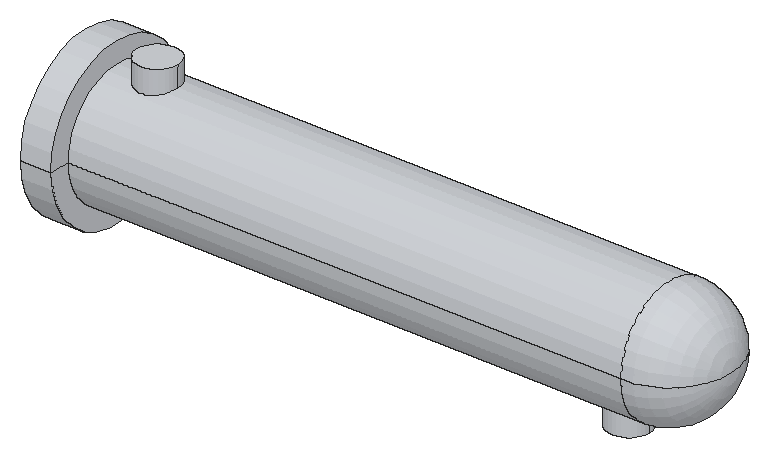
Revit family "96a04da2d7784624aa7f190381972a24", category Mechanical Equipment, Revit 2021
Family settings
  Round Connector Dimension = Use Radius
  Part Type = Normal
  OmniClass Number = 23.75.10.27.17.21
  OmniClass Title = Heat Exchangers, Tubular
  Seek Item ID = Heat Exchanger - Shell and Tube-0000-USA-ENU
  Work Plane-Based = No
  Always vertical = Yes
  Cut with Voids When Loaded = No
  Shared = No
  Room Calculation Point = No
Parameters (values of type "5 Sq.ft")
  Pressure Drop 1 [instance] = 150.00 psi
  Flow 2 [instance] = 47 GPM
  Flow 1 [instance] = 24 GPM
  Inlet Radius 1 = 1/2"
  Outlet Radius 1 = 1"
  Inlet Diameter 1 = (Inlet Radius 1) * 2  # 1"
  Outlet Diameter 1 = (Outlet Radius 1) * 2  # 2"
  Shell Radius = Shell Diameter / 2  # 0' - 3"
  Pressure Drop 2 [instance] = 300.00 psi
  Shell Diameter = 0' - 6"
  Outlet Radius 2 = 1"
  Inlet Radius 2 = 1"
  Outlet Diameter 2 = (Outlet Radius 2) * 2  # 2"
  Inlet Diameter 2 = (Inlet Radius 2) * 2  # 2"
  Length 2 = 2' - 1"
  Length 1 = 0' - 2"
  Height 2 = 0' - 3"
  Height 1 = 0' - 4"
  Heat Exchanger Material = none
  Heat Exchanger Length = 2' - 8 1/2"
  Flange Thickness = 0' - 1 1/2"
  Default Elevation = 0' - 0"
Types (7): name | Flow 2 | Flow 1 | Inlet Radius 1 | Outlet Radius 1 | Inlet Diameter 1 | Outlet Diameter 1 | Shell Radius | Shell Diameter | Outlet Radius 2 | Inlet Radius 2 | Outlet Diameter 2 | Inlet Diameter 2 | Length 2 | Length 1 | Height 2 | Height 1 | Heat Exchanger Length | Flange Thickness
  (no name) | 47 GPM | 24 GPM | 1/2" | 1" | 1" | 2" | 0' - 3" | 0' - 6" | 1" | 1" | 2" | 2" | 2' - 1" | 0' - 2" | 0' - 3" | 0' - 4" | 2' - 8 1/2" | 0' - 1 1/2"
  5 Sq.ft | 47 GPM | 24 GPM | 1/2" | 1" | 1" | 2" | 0' - 3" | 0' - 6" | 1" | 1" | 2" | 2" | 2' - 1" | 0' - 2" | 0' - 3" | 0' - 4" | 2' - 8 1/2" | 0' - 1 1/2"
  260 Sq.ft | 461 GPM | 232 GPM | 1 1/2" | 3" | 3" | 6" | 0' - 8" | 1' - 4" | 3" | 3" | 6" | 6" | 5' - 7" | 0' - 6" | 0' - 8" | 0' - 9" | 7' - 2 1/2" | 0' - 4"
  15 Sq.ft | 86 GPM | 44 GPM | 1/2" | 1" | 1" | 2" | 0' - 4" | 0' - 8" | 1" | 1" | 2" | 2" | 2' - 10" | 0' - 2" | 0' - 4" | 0' - 5" | 3' - 7 1/4" | 0' - 2"
  40 Sq.ft | 160 GPM | 80 GPM | 3/4" | 1 1/2" | 1 1/2" | 3" | 0' - 5" | 0' - 10" | 2" | 2" | 4" | 4" | 3' - 5 1/2" | 0' - 4" | 0' - 5" | 0' - 6" | 4' - 6 1/8" | 0' - 2 1/2"
  85 Sq.ft | 230 GPM | 116 GPM | 1" | 2" | 2" | 4" | 0' - 6" | 1' - 0" | 2" | 2" | 4" | 4" | 4' - 2 1/2" | 0' - 4" | 0' - 6" | 0' - 7" | 5' - 4 7/8" | 0' - 3"
  145 Sq.ft | 300 GPM | 191 GPM | 1" | 2" | 2" | 4" | 0' - 7" | 1' - 2" | 3" | 3" | 6" | 6" | 4' - 10" | 0' - 6" | 0' - 7" | 0' - 8" | 6' - 3 3/4" | 0' - 3 1/2"
Reference planes (in)
  plane 1 "Center (Front/Back)": y = 0
  plane 2: z = 0
  plane 3 "Center (Left/Right)": x = 0
  plane 4: x = -1
  plane 5: x = 31.5
  plane 6: y = 3
  plane 7: y = -3
  plane 8: x = 1.5
  plane 9: y = 4
  plane 10: y = -4
  plane 11: x = 28.5
  plane 12: z = 1.5
  plane 13: z = -1.5
  plane 14: x = 3.5
  plane 15: z = 4
  plane 16: z = -4
  plane 17: x = 26.5
  plane 18: y = 1
  plane 19: y = -1
Forms (in)
  Revolve 1, solid, material <- "Heat Exchanger Material"
    sketch origin (0, 0, 0) x (1, 0, 0) y (0, 1, 0)
      loop
        line (0, 4) -> (0, 0) -> (31.5, 0)
        arc (31.5, 0) -> (30.62132, 2.12132) -> (28.5, 3) r 3
        line (28.5, 3) -> (1.5, 3) -> (1.5, 4) -> (0, 4)
      axis (31.5, 0) -> (0, 0)
    angle from 0 to 360
  Extrusion 2, solid, material <- "Heat Exchanger Material"
    sketch origin (0, 0, 0) x (0, 1, 0) y (0, 0, 1)
      loop
        circle (0, 1.5) r 1
      loop
        circle (0, -1.5) r 0.5
    from -1 to 0
  Extrusion 3, solid, material <- "Heat Exchanger Material"
    sketch origin (0, 0, 0) x (1, 0, 0) y (0, 1, 0)
      loop
        circle (3.5, 0) r 1
    from 0 to 4
  Extrusion 4, solid, material <- "Heat Exchanger Material"
    sketch origin (0, 0, 0) x (1, 0, 0) y (0, 1, 0)
      loop
        circle (26.5, 0) r 1
    from -4 to 0
Cuts and joins
  joined: Revolve 1, Extrusion 2, Extrusion 3, Extrusion 4
Lines and regions (in)
  symbolic lines, detail levels fine
    curve 1: line (1.5, -3, 0) -> (28.5, -3, 0)
Dimensions and locks (in)
  locked: plane 4 to plane 3 "Center (Left/Right)" at 1
  "Heat Exchanger Length": plane 4 to plane 5
  equal spacing: plane 6, plane 1 "Center (Front/Back)", plane 7
  "Shell Diameter": plane 6 to plane 7
  "Flange Thickness": plane 3 "Center (Left/Right)" to plane 8
  locked: plane 9 to plane 6 at 1
  locked: plane 7 to plane 10 at 1
  "Shell Radius": plane 11 to plane 5
  equal spacing: plane 12, plane 2, plane 13
  "Height 2": plane 12 to plane 13
  "Length 1": plane 14 to plane 8
  "Height 1": plane 15 to plane 2
  "Height 1": plane 2 to plane 16
  "Length 2": plane 17 to plane 8
  "Outlet Radius 1": plane 1 "Center (Front/Back)" to plane 18
  "Outlet Radius 1": plane 19 to plane 1 "Center (Front/Back)"
  "Shell Radius": radius of Revolve 1 sketch curve
  "Outlet Radius 1": radius of Extrusion 2 sketch curve
  "Inlet Radius 1": radius of Extrusion 2 sketch curve
  "Inlet Radius 2": radius of Extrusion 3 sketch curve
  "Outlet Radius 2": radius of Extrusion 4 sketch curve
  angle Revolve 1 sketch curve to Revolve 1 sketch curve = 90.00°
  aligned and locked: Revolve 1 sketch curve to plane 9
  aligned and locked: plane 6 to Revolve 1 sketch curve
  aligned and locked: plane 9 to Revolve 1 sketch curve
  aligned and locked: Revolve 1 sketch curve to plane 8
  aligned and locked: plane 8 to Revolve 1 sketch curve
  aligned and locked: plane 11 to Revolve 1 sketch curve
  aligned and locked: plane 3 "Center (Left/Right)" to Revolve 1 sketch curve
  aligned and locked: plane 5 to Revolve 1 sketch curve
  aligned and locked: plane 1 "Center (Front/Back)" to Revolve 1 sketch curve
  aligned and locked: Revolve 1 sketch curve to plane 3 "Center (Left/Right)"
  aligned and locked: Revolve 1 sketch curve to plane 1 "Center (Front/Back)"
  aligned and locked: plane 12 to Extrusion 2 sketch curve
  aligned and locked: plane 1 "Center (Front/Back)" to Extrusion 2 sketch curve  (x2)
  aligned and locked: plane 13 to Extrusion 2 sketch curve
  aligned and locked: Extrusion 2 to plane 4
  aligned and locked: plane 3 "Center (Left/Right)" to Extrusion 2
  aligned and locked: Extrusion 3 to plane 2
  aligned and locked: plane 15 to Extrusion 3
  aligned and locked: plane 17 to Extrusion 4 sketch curve
  aligned and locked: plane 1 "Center (Front/Back)" to Extrusion 4 sketch curve
  aligned and locked: plane 1 "Center (Front/Back)" to Extrusion 3 sketch curve
  aligned and locked: plane 14 to Extrusion 3 sketch curve
  aligned and locked: Extrusion 4 to plane 16
  aligned and locked: plane 2 to Extrusion 4
  aligned and locked: plane 11 to curve 1
  aligned and locked: curve 1 to plane 7
Automatic sketch dimensions
  Revolve 1 sketch curve to plane 3 "Center (Left/Right)" = 0' - 0"
  Revolve 1 sketch curve to plane 4 = 0' - 6 1/2"
  curve 1 to plane 8 = 0' - 0"
Connectors (in)
  piping at (3.5, 0, 4), diameter 2, driven by "Inlet Radius 2", driven by "Flow 2"
    settings: on cut or joined group of Revolve 1, Extrusion 2, Extrusion 3, Extrusion 4, index 1, connector inside diameter 2", connector length 0' - 0", flow factor 0, pipe flow 47 GPM, pressure drop 0.00 psi, fitting loss kfactor 0, connector angle 0.00°, fixture units 0, engagement length 0' - 0", angle of deflection 0.00°, flow configuration 0, flow direction 1, fitting loss method 0, system type 29, joint type 0, gender type 0, connector reference index 2, connector utility 0, adjustable connector no, is connector primary yes, connector description "Fluid In 2"
  piping at (26.5, 0, -4), diameter 2, driven by "Outlet Radius 2", driven by "Pressure Drop 2", driven by "Flow 2"
    settings: on cut or joined group of Revolve 1, Extrusion 2, Extrusion 3, Extrusion 4, index 2, connector inside diameter 2", connector length 0' - 0", flow factor 0, pipe flow 47 GPM, pressure drop 300.00 psi, fitting loss kfactor 0, connector angle 0.00°, fixture units 0, engagement length 0' - 0", angle of deflection 0.00°, flow configuration 0, flow direction 2, fitting loss method 4, system type 29, joint type 0, gender type 0, connector reference index 1, connector utility 0, adjustable connector no, is connector primary no, connector description "Fluid Out 2"
  piping at (-1, 0, 1.5), diameter 2, driven by "Flow 1", driven by "Outlet Radius 1", driven by "Pressure Drop 1"
    settings: on cut or joined group of Revolve 1, Extrusion 2, Extrusion 3, Extrusion 4, index 3, connector inside diameter 2", connector length 0' - 0", flow factor 0, pipe flow 24 GPM, pressure drop 150.00 psi, fitting loss kfactor 0, connector angle 0.00°, fixture units 0, engagement length 0' - 0", angle of deflection 0.00°, flow configuration 0, flow direction 2, fitting loss method 4, system type 29, joint type 0, gender type 0, connector reference index 4, connector utility 0, adjustable connector no, is connector primary no, connector description "Fluid Out 1"
  piping at (-1, 0, -1.5), diameter 1, driven by "Flow 1", driven by "Inlet Radius 1"
    settings: on cut or joined group of Revolve 1, Extrusion 2, Extrusion 3, Extrusion 4, index 4, connector inside diameter 1", connector length 0' - 0", flow factor 0, pipe flow 24 GPM, pressure drop 0.00 psi, fitting loss kfactor 0, connector angle 0.00°, fixture units 0, engagement length 0' - 0", angle of deflection 0.00°, flow configuration 0, flow direction 1, fitting loss method 0, system type 29, joint type 0, gender type 0, connector reference index 3, connector utility 0, adjustable connector no, is connector primary no, connector description "Fluid In 1"
